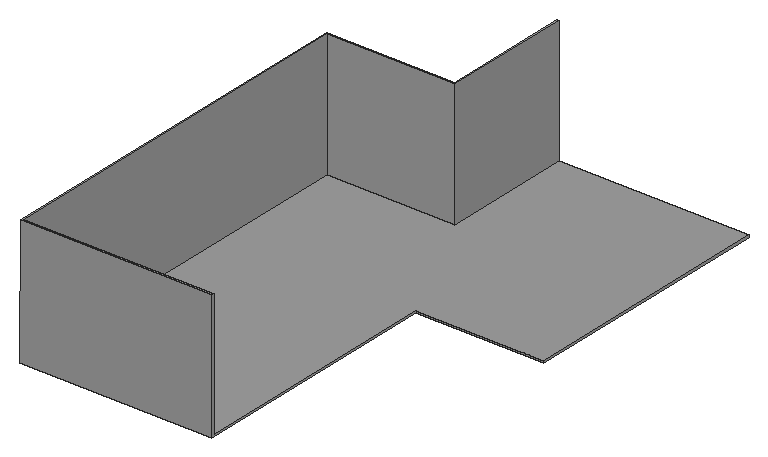
Revit family "ef18338d-1f2e-45a6-884a-0af1afacc8f6", category Generic Models, Revit 2012
Parameters (values of type "As Specified")
  Unit Width = 1' - 0"
  Unit Height = 0' - 4"
  Unit Depth = 0' - 6"
  URL = "http://www.hyload.com/"
  Thickness = 0' - 0 1/16"
  Specification = "http://www.arcat.com/sdspecs/htm04/07_65_00hyl.htm"
  Sales Information = "http://www.hyload.com/contact-us"
  Revision = "R1_12-2015"
  Product Properties = "http://www.hyload.com/masonry-flashing/preformed-shapes/"
  Product Data = "http://www.arcat.com/arcatcos/cos33/arc33176.html"
  Model = "6x12 Window"
  Manufacturer Website = "http://www.hyload.com/"
  Manufacturer Phone - Toll Free = "800-457-4056"
  Manufacturer Phone = "330-769-3546"
  Manufacturer Fax = "330-769-4153"
  Manufacturer Address = "5020 Panther Pkwy., Seville, OH 44273"
  Manufacturer = "Hyload"
  Keynote = "07 65 00"
  Flashing Material = Hyload Flashing Membrane - Grey
  Drawn By = "Robert S. Weygant / Sumex Design"
  Description = "Preformed Hyload Masonry Flashing - 6x12 Window"
  Copyright = "(c) ARCAT, Inc, 2015"
  Construction Details = "http://www.arcat.com/details/hyload/hyload.html?coid=33176"
  Assembly Code = "B3010400"
Reference planes (in)
  plane 1 "Center (Front/Back)": y = 0
  plane 2: z = 0
  plane 3 "Center (Left/Right)": x = 0
  plane 4: y = 12
  plane 5: x = 6
  plane 6: z = 4
  plane 7: x = 10
  plane 8: y = 16
  plane 9: x = 4
Forms (in)
  Extrusion 1, solid, material "Hyload Flashing Membrane - Grey" <- "Flashing Material"
    sketch origin (0, 0, 0) x (1, 0, 0) y (0, 1, 0)
      loop
        line (0, 12) -> (0, 0) -> (6, 0) -> (6, 8) -> (10, 8) -> (10, 16) -> (4, 16) -> (4, 12) -> (0, 12)
    from 0 to 0.0625 <- "Thickness"
  Extrusion 2, solid, material "Hyload Flashing Membrane - Grey" <- "Flashing Material"
    sketch origin (0, 0, 0) x (1, 0, 0) y (0, 1, 0)
      loop
        line (0, 12) -> (0, 0) -> (6, 0) -> (6, 0.0625) -> (0.0625, 0.0625) -> (0.0625, 11.9375) -> (4.0625, 11.9375) -> (4.0625, 16) -> (4, 16) -> (4, 12) -> (0, 12)
    from 0 to 4 <- "Unit Height"
Cuts and joins
  joined: Extrusion 1, Extrusion 2
Dimensions and locks (in)
  "Unit Width": plane 1 "Center (Front/Back)" to plane 4
  "Unit Depth": plane 3 "Center (Left/Right)" to plane 5
  "Unit Height": plane 6 to level
  "Thickness": plane 1 "Center (Front/Back)" to Extrusion 2 sketch curve
  "Thickness": plane 3 "Center (Left/Right)" to Extrusion 2 sketch curve
  plane 3 "Center (Left/Right)" to Extrusion 2 = 0' - 6"
  "Thickness": plane 4 to Extrusion 2 sketch curve
  locked: plane 5 to plane 7 at 4
  plane 8 to plane 4 = 0' - 4"
  equal spacing: plane 8, Extrusion 1 sketch curve, plane 1 "Center (Front/Back)"
  plane 3 "Center (Left/Right)" to Extrusion 1 sketch curve = 0' - 4"
  "Thickness": Extrusion 2 sketch curve to Extrusion 2 sketch curve
  aligned and locked: plane 2 to level
  aligned and locked: Extrusion 1 sketch curve to plane 4
  aligned and locked: plane 3 "Center (Left/Right)" to Extrusion 1 sketch curve
  aligned and locked: Extrusion 1 sketch curve to plane 1 "Center (Front/Back)"
  aligned and locked: Extrusion 1 sketch curve to plane 5
  aligned and locked: plane 4 to Extrusion 2 sketch curve
  aligned and locked: Extrusion 2 sketch curve to plane 3 "Center (Left/Right)"
  aligned and locked: plane 1 "Center (Front/Back)" to Extrusion 2 sketch curve
  aligned and locked: plane 5 to Extrusion 2 sketch curve
  aligned and locked: Extrusion 2 to level
  aligned and locked: Extrusion 1 sketch curve to plane 8
  aligned and locked: Extrusion 1 sketch curve to plane 7
  aligned and locked: Extrusion 2 sketch curve to plane 8
  aligned and locked: Extrusion 2 sketch curve to cut or joined group of Extrusion 1, Extrusion 2
